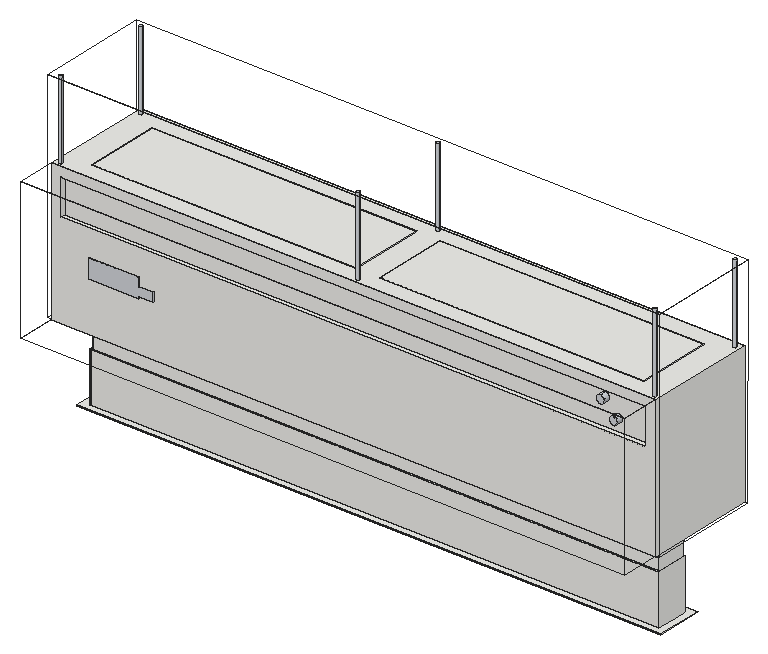
Revit family "AIRTECNICS_AIR CURTAIN_INVISAIR_WATER HEATED (P)", category Mechanical Equipment, Revit 2016
Family settings
  Part Type = Normal
  Round Connector Dimension = Use Diameter
  OmniClass Number = 23.75.70.21.17
  OmniClass Title = Air Curtains
  Work Plane-Based = No
  Always vertical = Yes
  Cut with Voids When Loaded = No
  Shared = No
  Room Calculation Point = No
Parameters (values of type "IECG 1500 P")
  · POSITION · [instance] = "-/ Select Curtain Position /-"  # constant formula
  · PIPES POSITION · [instance] = "-/ Select Pipes Position /-"  # constant formula
  · OTHERS · [instance] = "-/ Select Supports - Inst.Maint. Space /-"  # constant formula
  · KITS CONFIGURATION · [instance] = "-/ Configure Length Kit /-"  # constant formula
  · HEATING · [instance] = "-/ Select Heating /-"  # constant formula
  Weight [instance] = size_lookup(Name_Lookup_Data, "Weight", 1.00 kg, CT, CH, CM)  # 69.00 kg
  Water Pipes_P4 [instance] = no
  Water Pipes_P3 [instance] = yes
  Water Pipes_P2 (Std) [instance] = if(or(Water Pipes_P1, Water Pipes_P3, Water Pipes_P4), 1 = 0, 1 = 1)  # no
  Water Pipes_P1 [instance] = no
  Water Flow Connector [instance] = size_lookup(Name_Lookup_Data, "Water Flow_connector", 1.0 L/s, CT, CH, CM)  # 0.222222 L/s
  Water Drop Pressure [instance] = size_lookup(Name_Lookup_Data, "Water Drop Pressure", 1.0 Pa, CT, CH, CM)  # 1070.0 Pa
  Water Coil Volume [instance] = size_lookup(Name_Lookup_Data, "Water Coil Volume", 1.0 L, CT, CH, CM)  # 1.5 L
  Water Coil Rows [instance] = size_lookup(Name_Lookup_Data, "Water Coil Rows", 1, CT, CH, CM)  # 2
  WAn [instance] = if(Vertical Left, 180.00°, if(Vertical Right, 0.00°, 90.00°))  # 90.00°
  Voltage [instance] = 230 V  # constant formula
  Vertical Right [instance] = no
  Vertical Left [instance] = no
  URL_Manufacturer = "https://www.airtecnics.com/"
  URL_Datasheet = "https://www.airtecnics.com/download/file/1936/invisair.pdf"
  Supports Length [instance] = 200.0 mm
  Supports (Horizontal) [instance] = yes
  Special Installation [instance] = no
  Revit Version = "Revit 2016 - English"  # constant formula
  Review Date = "11/2018"  # constant formula
  Remote Control = "IR-AIR"  # constant formula
  URL = "https://www.airtecnics.com/products/air-curtain-invisair"
  Product Size = if(L = 1500.0 mm, "1500", if(L = 2000.0 mm, "2000", "2500"))  # "1500"
  Product Reference [instance] = size_lookup(Name_Lookup_Ref, "", "Consult Manufacturer", CT, CH, CM)  # "IECG 1500 P86"
  Product Heating [instance] = if(and([P54 - 50/40ºC - 4 ROWS], not([P64 - 60/40ºC - 3 ROWS]), not([P86 - 80/60ºC - 2 ROWS])), "P54 - 50/40ºC - 4 ROWS", if(and([P64 - 60/40ºC - 3 ROWS], not([P54 - 50/40ºC - 4 ROWS]), not([P86 - 80/60ºC - 2 ROWS])), "P64 - 60/40ºC - 3 ROWS", if(and([P86 - 80/60ºC - 2 ROWS], not([P54 - 50/40ºC - 4 ROWS]), not([P64 - 60/40ºC - 3 ROWS])), "P86 - 80/60ºC - 2 ROWS", "Consult Manufacturer")))  # "P86 - 80/60ºC - 2 ROWS"
  Product Description [instance] = size_lookup(Name_Lookup_Data, "", "Consult Manufacturer", CT, CH, CM)  # "Specially designed for applications where the body of the air curtain is to be installed inside a column or bulkhead for architectural reasons. It can be vertically or horizontally mounted.\r\nSelf-supporting casing construction made of galvanized steel plate, finished in structural epoxy-polyester painting white colour RAL9016 as standard. Other colours or stainless steel are available on request. \r\nThe air flow of Invisair follows a straight line from the air inlet grille to the to the discharge. Inlet area inside a bulkhead or column should be designed with suitable grille provided by others.\r\nAnodized aluminium outlet vanes, airfoil shaped, adjustable from 0 to 15º each side.\r\nDouble-inlet centrifugal fans driven by an external rotor motor and low noise level. 5-speed selector. EC models assembled with very low consumption efficiency fans. \r\n“P” type with water heated coil. \r\nIncludes Plug&Play control with 7m RJ45 cable and infrared remote control. Optional: Clever control (programmable, automatic, intelligent, energy saving, Modbus RTU for BMS…)\r\nAir Volume: 3400 m3/h \r\nFans:  0,284 kW  2,48 A 230Vx1 50/60Hz\r\nHeating power: 17,29 kW (80/60ºC)\r\nDimensions: 285x570/620x1550 mm (depth, height, length), including telescopic outlet for easy installation."
  Power Fans Factor [instance] = size_lookup(Name_Lookup_Data, "Power Factor", 1, CT, CH, CM)  # 0.5
  Power Fans [instance] = size_lookup(Name_Lookup_Data, "Power Fans", 1 kW, CT, CH, CM)  # 0.284 kW
  P86 - 80/60ºC - 2 ROWS [instance] = if(or([P54 - 50/40ºC - 4 ROWS], [P64 - 60/40ºC - 3 ROWS]), 1 = 0, 1 = 1)  # yes
  P64 - 60/40ºC - 3 ROWS [instance] = no
  P54 - 50/40ºC - 4 ROWS [instance] = no
  P = 1 = 1  # yes
  Outlet Kit Length [instance] = 210.0 mm
  Noise Level (dB(A)) [instance] = size_lookup(Name_Lookup_Data, "Noise Level (dB(A))", 1, CT, CH, CM)  # 62
  Name_Lookup_Ref = "INVISAIR_(P)_Ref_Lookup"  # constant formula
  Name_Lookup_Data = "INVISAIR_(P)_Data_Lookup"  # constant formula
  Model = "Air Curtain Invisair P"  # constant formula
  Material Grille = AIRTECNICS_Perforated_Invisair_White RAL 9016
  Material Curtain [instance] = AIRTECNICS_White RAL 9016
  Mainfolds [instance] = if([P54 - 50/40ºC - 4 ROWS], "2x1'' M", if(and(or([P64 - 60/40ºC - 3 ROWS], [P86 - 80/60ºC - 2 ROWS]), or([Water Pipes_P2 (Std)], Water Pipes_P3)), "2x3/4'' F", "2x3/4'' M"))  # "2x3/4'' F"
  M = no
  Li1 [instance] = if(Horizontal, 0.0 mm, if(L = 1500.0 mm, L / 2 + 65.0 mm, L / 2 + 67.5 mm))  # 0.0 mm
  Length = if(L < 2000.0 mm, L + 50.0 mm, L + 55.0 mm)  # 1550.0 mm
  Kits Range [instance] = "Max. 210 mm / Min. 260 mm"  # constant formula
  Height [instance] = 570.0 mm + Outlet Kit Length - 210.0 mm + Depth - Depth  # 570.0 mm
  Heating Capacity [instance] = size_lookup(Name_Lookup_Data, "Heating Capacity", 1 kW, CT, CH, CM)  # 17.29 kW
  G = yes
  Frequency = 50 Hz  # constant formula
  Fans Stage = 5  # constant formula
  Family Version = "1.0"  # constant formula
  EC = yes
  Depth = 285.0 mm  # constant formula
  D_Pipping_Connector [instance] = if([P54 - 50/40ºC - 4 ROWS], 25 mm, 20 mm)  # 20 mm
  Current Fans [instance] = size_lookup(Name_Lookup_Data, "Current Fans", 1 A, CT, CH, CM)  # 2.48 A
  Created by = "BIMETRICAL"  # constant formula
  Control [instance] = "CW-5AW-IR"  # constant formula
  Cable = "CB7"  # constant formula
  CW [instance] = if([Water Pipes_P2 (Std)], 2, 0) + if(Water Pipes_P3, 4, 0) + if(Water Pipes_P4, 8, 0)  # 4
  CT [instance] = if(L = 1500.0 mm, 4, 0) + if(L = 2000.0 mm, 8, 0) + if(L = 2500.0 mm, 16, 0)  # 4
  CM [instance] = if(M, 2, 0) + if(EC, 4, 0) + if(G, 8, 0)  # 12
  CH [instance] = if([P54 - 50/40ºC - 4 ROWS], 2, 0) + if([P64 - 60/40ºC - 3 ROWS], 4, 0)  # 0
  Aspiration/Maintenance Space [instance] = yes
  Apparent Load [instance] = size_lookup(Name_Lookup_Data, "Apparent Load", 1 VA, CT, CH, CM)  # 568 VA
  Airflow [instance] = size_lookup(Name_Lookup_Data, "Airflow", 1 m³/h, CT, CH, CM)  # 3400 m³/h
  L = 1500.0 mm
  Type Image = <None>
  IfcExportType = "WATERHEATINGCOIL"  # constant formula
  IfcExportAs = "IfcCoilType"  # constant formula
  Horizontal [instance] = if(or(Vertical Left, Vertical Right), 1 = 0, 1 = 1)  # yes
  Manufacturer = "AIRTECNICS"  # constant formula
  Description = ""
  Type Comments = "Specially designed for applications where the body of the air curtain is to be installed inside a column or bulkhead for architectural reasons. It can be vertically or horizontally mounted.\r\nSelf-supporting casing construction made of galvanized steel plate, finished in structural epoxy-polyester painting white colour RAL9016 as standard. Other colours or stainless steel are available on request.\r\nThe air flow of Invisair follows a straight line from the air inlet grille to the to the discharge. Inlet area inside a bulkhead or column should be designed with suitable grille provided by others.\r\nAnodized aluminium outlet vanes, airfoil shaped, adjustable from 0 to 15º each side.\r\nDouble-inlet centrifugal fans driven by an external rotor motor and low noise level. 5-speed selector. EC models assembled with very low consumption efficiency fans.\r\n“P” type with water heated coil. “E” type with electrical shielded elements, three stages with integrated regulation. “A” type without heating, air only. Optional expansion DX coil.\r\nIncludes Plug&Play control with 7m RJ45 cable and infrared remote control. Optional: Clever control (programmable, automatic, intelligent, energy saving, Modbus RTU for BMS…)\r\n"  # constant formula
  BIMETRICAL Category = "Coil"  # constant formula
  BIMETRICAL = "http://www.bimetrical.com"  # constant formula
Types (9, lengths in mm): name | Weight | Water Pipes_P3 | Water Pipes_P2 (Std) | Water Flow Connector | Water Drop Pressure | Water Coil Volume | Product Size | Product Reference | Product Description | Power Fans Factor | Power Fans | Noise Level (dB(A)) | M | Length | Heating Capacity | G | EC | Current Fans | CW | CT | CM | Apparent Load | Airflow | L
  IECG 2500 P | 94.00 kg | no | yes | 0.416667 L/s | 5650.0 Pa | 2.6 L | "2500" | "IECG 2500 P86" | "Specially designed for applications where the body of the air curtain is to be installed inside a column or bulkhead for architectural reasons. It can be vertically or horizontally mounted.\r\nSelf-supporting casing construction made of galvanized steel plate, finished in structural epoxy-polyester painting white colour RAL9016 as standard. Other colours or stainless steel are available on request. \r\nThe air flow of Invisair follows a straight line from the air inlet grille to the to the discharge. Inlet area inside a bulkhead or column should be designed with suitable grille provided by others.\r\nAnodized aluminium outlet vanes, airfoil shaped, adjustable from 0 to 15º each side.\r\nDouble-inlet centrifugal fans driven by an external rotor motor and low noise level. 5-speed selector. EC models assembled with very low consumption efficiency fans. \r\n“P” type with water heated coil. \r\nIncludes Plug&Play control with 7m RJ45 cable and infrared remote control. Optional: Clever control (programmable, automatic, intelligent, energy saving, Modbus RTU for BMS…)\r\nAir Volume: 5950 m3/h \r\nFans:  0,497 kW  4,34 A 230Vx1 50/60Hz\r\nHeating power: 33,63 kW (80/60ºC)\r\nDimensions: 285x570/620x2555 mm (depth, height, length), including telescopic outlet for easy installation." | 0.5 | 0.497 kW | 64 | no | 2555.0 | 33.63 kW | yes | yes | 4.34 A | 2 | 16 | 12 | 994 VA | 5950 m³/h | 2500.0
  IECG 2000 P | 89.00 kg | no | yes | 0.333333 L/s | 3080.0 Pa | 2.1 L | "2000" | "IECG 2000 P86" | "Specially designed for applications where the body of the air curtain is to be installed inside a column or bulkhead for architectural reasons. It can be vertically or horizontally mounted.\r\nSelf-supporting casing construction made of galvanized steel plate, finished in structural epoxy-polyester painting white colour RAL9016 as standard. Other colours or stainless steel are available on request. \r\nThe air flow of Invisair follows a straight line from the air inlet grille to the to the discharge. Inlet area inside a bulkhead or column should be designed with suitable grille provided by others.\r\nAnodized aluminium outlet vanes, airfoil shaped, adjustable from 0 to 15º each side.\r\nDouble-inlet centrifugal fans driven by an external rotor motor and low noise level. 5-speed selector. EC models assembled with very low consumption efficiency fans. \r\n“P” type with water heated coil. \r\nIncludes Plug&Play control with 7m RJ45 cable and infrared remote control. Optional: Clever control (programmable, automatic, intelligent, energy saving, Modbus RTU for BMS…)\r\nAir Volume: 5100 m3/h \r\nFans:  0,426 kW  3,72 A 230Vx1 50/60Hz\r\nHeating power: 26,86 kW (80/60ºC)\r\nDimensions: 285x570/620x2055 mm (depth, height, length), including telescopic outlet for easy installation." | 0.5 | 0.426 kW | 63 | no | 2055.0 | 26.86 kW | yes | yes | 3.72 A | 2 | 8 | 12 | 852 VA | 5100 m³/h | 2000.0
  IECG 1500 P | 69.00 kg | yes | no | 0.222222 L/s | 1070.0 Pa | 1.5 L | "1500" | "IECG 1500 P86" | "Specially designed for applications where the body of the air curtain is to be installed inside a column or bulkhead for architectural reasons. It can be vertically or horizontally mounted.\r\nSelf-supporting casing construction made of galvanized steel plate, finished in structural epoxy-polyester painting white colour RAL9016 as standard. Other colours or stainless steel are available on request. \r\nThe air flow of Invisair follows a straight line from the air inlet grille to the to the discharge. Inlet area inside a bulkhead or column should be designed with suitable grille provided by others.\r\nAnodized aluminium outlet vanes, airfoil shaped, adjustable from 0 to 15º each side.\r\nDouble-inlet centrifugal fans driven by an external rotor motor and low noise level. 5-speed selector. EC models assembled with very low consumption efficiency fans. \r\n“P” type with water heated coil. \r\nIncludes Plug&Play control with 7m RJ45 cable and infrared remote control. Optional: Clever control (programmable, automatic, intelligent, energy saving, Modbus RTU for BMS…)\r\nAir Volume: 3400 m3/h \r\nFans:  0,284 kW  2,48 A 230Vx1 50/60Hz\r\nHeating power: 17,29 kW (80/60ºC)\r\nDimensions: 285x570/620x1550 mm (depth, height, length), including telescopic outlet for easy installation." | 0.5 | 0.284 kW | 62 | no | 1550.0 | 17.29 kW | yes | yes | 2.48 A | 4 | 4 | 12 | 568 VA | 3400 m³/h | 1500.0
  IG 2500 P | 94.00 kg | no | yes | 0.388889 L/s | 4930.0 Pa | 2.6 L | "2500" | "IG 2500 P86" | "Specially designed for applications where the body of the air curtain is to be installed inside a column or bulkhead for architectural reasons. It can be vertically or horizontally mounted.\r\nSelf-supporting casing construction made of galvanized steel plate, finished in structural epoxy-polyester painting white colour RAL9016 as standard. Other colours or stainless steel are available on request. \r\nThe air flow of Invisair follows a straight line from the air inlet grille to the to the discharge. Inlet area inside a bulkhead or column should be designed with suitable grille provided by others.\r\nAnodized aluminium outlet vanes, airfoil shaped, adjustable from 0 to 15º each side.\r\nDouble-inlet centrifugal fans driven by an external rotor motor and low noise level. 5-speed selector. \r\n“P” type with water heated coil. \r\nIncludes Plug&Play control with 7m RJ45 cable and infrared remote control. Optional: Clever control (programmable, automatic, intelligent, energy saving, Modbus RTU for BMS…)\r\nAir Volume: 5250 m3/h \r\nFans:  1,498 kW  6,65 A 230Vx1 50Hz\r\nHeating power: 31,16 kW (80/60ºC)\r\nDimensions: 285x570/620x2555 mm (depth, height, length), including telescopic outlet for easy installation." | 0.98 | 1.498 kW | 60 | no | 2555.0 | 31.16 kW | yes | no | 6.65 A | 2 | 16 | 8 | 1529 VA | 5250 m³/h | 2500.0
  IG 2000 P | 89.00 kg | no | yes | 0.305556 L/s | 2700.0 Pa | 2.1 L | "2000" | "IG 2000 P86" | "Specially designed for applications where the body of the air curtain is to be installed inside a column or bulkhead for architectural reasons. It can be vertically or horizontally mounted.\r\nSelf-supporting casing construction made of galvanized steel plate, finished in structural epoxy-polyester painting white colour RAL9016 as standard. Other colours or stainless steel are available on request. \r\nThe air flow of Invisair follows a straight line from the air inlet grille to the to the discharge. Inlet area inside a bulkhead or column should be designed with suitable grille provided by others.\r\nAnodized aluminium outlet vanes, airfoil shaped, adjustable from 0 to 15º each side.\r\nDouble-inlet centrifugal fans driven by an external rotor motor and low noise level. 5-speed selector. \r\n“P” type with water heated coil. \r\nIncludes Plug&Play control with 7m RJ45 cable and infrared remote control. Optional: Clever control (programmable, automatic, intelligent, energy saving, Modbus RTU for BMS…)\r\nAir Volume: 4500 m3/h \r\nFans:  1,284 kW  5,7 A 230Vx1 50Hz\r\nHeating power: 24,92 kW (80/60ºC)\r\nDimensions: 285x570/620x2055 mm (depth, height, length), including telescopic outlet for easy installation." | 0.98 | 1.284 kW | 59 | no | 2055.0 | 24.92 kW | yes | no | 5.7 A | 2 | 8 | 8 | 1310 VA | 4500 m³/h | 2000.0
  IG 1500 P | 69.00 kg | no | yes | 0.194444 L/s | 940.0 Pa | 1.5 L | "1500" | "IG 1500 P86" | "Specially designed for applications where the body of the air curtain is to be installed inside a column or bulkhead for architectural reasons. It can be vertically or horizontally mounted.\r\nSelf-supporting casing construction made of galvanized steel plate, finished in structural epoxy-polyester painting white colour RAL9016 as standard. Other colours or stainless steel are available on request. \r\nThe air flow of Invisair follows a straight line from the air inlet grille to the to the discharge. Inlet area inside a bulkhead or column should be designed with suitable grille provided by others.\r\nAnodized aluminium outlet vanes, airfoil shaped, adjustable from 0 to 15º each side.\r\nDouble-inlet centrifugal fans driven by an external rotor motor and low noise level. 5-speed selector. \r\n“P” type with water heated coil. \r\nIncludes Plug&Play control with 7m RJ45 cable and infrared remote control. Optional: Clever control (programmable, automatic, intelligent, energy saving, Modbus RTU for BMS…)\r\nAir Volume: 3000 m3/h \r\nFans:  0,856 kW  3,8 A 230Vx1 50Hz\r\nHeating power: 16,02 kW (80/60ºC)\r\nDimensions: 285x570/620x1550 mm (depth, height, length), including telescopic outlet for easy installation." | 0.98 | 0.856 kW | 58 | no | 1550.0 | 16.02 kW | yes | no | 3.8 A | 2 | 4 | 8 | 873 VA | 3000 m³/h | 1500.0
  IM 2500 P | 86.00 kg | no | yes | 0.333333 L/s | 3810.0 Pa | 2.6 L | "2500" | "IM 2500 P86" | "Specially designed for applications where the body of the air curtain is to be installed inside a column or bulkhead for architectural reasons. It can be vertically or horizontally mounted.\r\nSelf-supporting casing construction made of galvanized steel plate, finished in structural epoxy-polyester painting white colour RAL9016 as standard. Other colours or stainless steel are available on request. \r\nThe air flow of Invisair follows a straight line from the air inlet grille to the to the discharge. Inlet area inside a bulkhead or column should be designed with suitable grille provided by others.\r\nAnodized aluminium outlet vanes, airfoil shaped, adjustable from 0 to 15º each side.\r\nDouble-inlet centrifugal fans driven by an external rotor motor and low noise level. 5-speed selector. \r\n“P” type with water heated coil. \r\nIncludes Plug&Play control with 7m RJ45 cable and infrared remote control. Optional: Clever control (programmable, automatic, intelligent, energy saving, Modbus RTU for BMS…)\r\nAir Volume: 4340 m3/h \r\nFans:  0,742 kW  3,29 A 230Vx1 50Hz\r\nHeating power: 27,69 kW (80/60ºC)\r\nDimensions: 285x570/620x2555 mm (depth, height, length), including telescopic outlet for easy installation." | 0.98 | 0.742 kW | 58 | yes | 2555.0 | 27.69 kW | no | no | 3.29 A | 2 | 16 | 2 | 757 VA | 4340 m³/h | 2500.0
  IM 2000 P | 78.00 kg | no | yes | 0.25 L/s | 1930.0 Pa | 2.1 L | "2000" | "IM 2000 P86" | "Specially designed for applications where the body of the air curtain is to be installed inside a column or bulkhead for architectural reasons. It can be vertically or horizontally mounted.\r\nSelf-supporting casing construction made of galvanized steel plate, finished in structural epoxy-polyester painting white colour RAL9016 as standard. Other colours or stainless steel are available on request. \r\nThe air flow of Invisair follows a straight line from the air inlet grille to the to the discharge. Inlet area inside a bulkhead or column should be designed with suitable grille provided by others.\r\nAnodized aluminium outlet vanes, airfoil shaped, adjustable from 0 to 15º each side.\r\nDouble-inlet centrifugal fans driven by an external rotor motor and low noise level. 5-speed selector. \r\n“P” type with water heated coil. \r\nIncludes Plug&Play control with 7m RJ45 cable and infrared remote control. Optional: Clever control (programmable, automatic, intelligent, energy saving, Modbus RTU for BMS…)\r\nAir Volume: 3720 m3/h \r\nFans:  0,636 kW  2,82 A 230Vx1 50Hz\r\nHeating power: 22,17 kW (80/60ºC)\r\nDimensions: 285x570/620x2055 mm (depth, height, length), including telescopic outlet for easy installation." | 0.98 | 0.636 kW | 57 | yes | 2055.0 | 22.17 kW | no | no | 2.82 A | 2 | 8 | 2 | 649 VA | 3720 m³/h | 2000.0
  IM 1500 P | 63.00 kg | no | yes | 0.166667 L/s | 760.0 Pa | 1.5 L | "1500" | "IM 1500 P86" | "Specially designed for applications where the body of the air curtain is to be installed inside a column or bulkhead for architectural reasons. It can be vertically or horizontally mounted.\r\nSelf-supporting casing construction made of galvanized steel plate, finished in structural epoxy-polyester painting white colour RAL9016 as standard. Other colours or stainless steel are available on request. \r\nThe air flow of Invisair follows a straight line from the air inlet grille to the to the discharge. Inlet area inside a bulkhead or column should be designed with suitable grille provided by others.\r\nAnodized aluminium outlet vanes, airfoil shaped, adjustable from 0 to 15º each side.\r\nDouble-inlet centrifugal fans driven by an external rotor motor and low noise level. 5-speed selector. \r\n“P” type with water heated coil. \r\nIncludes Plug&Play control with 7m RJ45 cable and infrared remote control. Optional: Clever control (programmable, automatic, intelligent, energy saving, Modbus RTU for BMS…)\r\nAir Volume: 2480 m3/h \r\nFans:  0,424 kW  1,88 A 230Vx1 50Hz\r\nHeating power: 14,23 kW (80/60ºC)\r\nDimensions: 285x570/620x1550 mm (depth, height, length), including telescopic outlet for easy installation." | 0.98 | 0.424 kW | 56 | yes | 1550.0 | 14.23 kW | no | no | 1.88 A | 2 | 4 | 2 | 432 VA | 2480 m³/h | 1500.0
Reference planes
  plane 1 "Centro (Frontal/Posterior)": z = 0
  plane 2: y = 246.57
  plane 3 "Centro (Izquierda/Derecha)": x = 0
  plane 4 "Susp": z = 0
Lines and regions (mm)
  reference lines
    curve 1: line (0, 246.57, 0) -> (0, 246.57, -145)
Dimensions and locks
  "Li1": plane 4 "Susp" to plane 1 "Centro (Frontal/Posterior)"
  "WAn": angle plane 4 "Susp" to curve 1
  aligned and locked: plane 3 "Centro (Izquierda/Derecha)" to curve 1
  aligned and locked: plane 4 "Susp" to curve 1
Nested families
  nested 1: "GEOM_INVISAIR_(A-E-P)" at (0, 246.57, 0), P1 <- "Water Pipes_P1", P3 <- "Water Pipes_P3", P4 <- "Water Pipes_P4", SPCI <- "Special Installation", Outlet Kit Lenght <- "Outlet Kit Length", Horizontal <- "Horizontal", Vertical Left <- "Vertical Left", Vertical Right <- "Vertical Right", Supports (Horizontal) <- "Supports (Horizontal)", type "GEOM_INVISAIR_(A-E-P)"
    with Vertical Right no, Vertical Left no, VSUP yes, VPE no, VPD no, Supports (Horizontal) yes, STNI yes, SPCI no, P4 no, P3 yes, P2 no, P1 no, Outlet Kit Lenght 210.0 mm, OKL 210.0 mm, L5 0.0 mm, L4 15.0 mm, L3 10.0 mm, L2 10.0 mm, L1 176.22 mm, Horizontal yes, C_P 4, C_L 2, CH_4 50.0 mm, CH_3 222.11 mm, CH_2 1444.0 mm, CH_1 275.86 mm, CC_4 235.0 mm, CC_3 37.11 mm, CC_2 1410.83 mm, CC_1 313.83 mm, AH 90.00°, AC 90.00°, P yes, L* 1550.0 mm, L 1500.0 mm, Aspiration/Maintenance Space yes
Connectors
  electrical at (-572.625, 103.07, 148.65), driven by "Voltage", driven by "Apparent Load", driven by "Power Fans Factor"
    settings: on nested 1, index 1, voltage 230 V, apparent load 568 VA, apparent load phase1 0 VA, apparent load phase2 0 VA, apparent load phase3 0 VA, power factor 0.5, load classification "HVAC", number of poles 1, system type 30, power factor state 1, is connector primary yes, connector utility no, sub classification motor no, connector description ""
  piping at (635.83, 101.96, 313.889), diameter 20, driven by "Water Flow Connector", driven by "D_Pipping_Connector"
    settings: on nested 1, index 2, connector inside diameter 609.6 mm, connector length 0.0 mm, flow factor 0, pipe flow 0.222222 L/s, pressure drop 0.0 Pa, fitting loss kfactor 0, connector angle 0.00°, fixture units 0, engagement length 0.0 mm, angle of deflection 0.00°, flow configuration 1, flow direction 2, fitting loss method 0, system type 8, joint type 0, gender type 0, connector reference index -1, connector utility 0, adjustable connector no, is connector primary yes, connector description "Out"
  piping at (669, 101.96, 275.86), diameter 20, driven by "Water Flow Connector", driven by "D_Pipping_Connector", driven by "Water Drop Pressure"
    settings: on nested 1, index 3, connector inside diameter 609.6 mm, connector length 0.0 mm, flow factor 0, pipe flow 0.222222 L/s, pressure drop 1070.0 Pa, fitting loss kfactor 0, connector angle 0.00°, fixture units 0, engagement length 0.0 mm, angle of deflection 0.00°, flow configuration 1, flow direction 1, fitting loss method 4, system type 7, joint type 0, gender type 0, connector reference index -1, connector utility 0, adjustable connector no, is connector primary no, connector description "In"
Definition of nested family "GEOM_INVISAIR_(A-E-P)"
  Parameters (values of type "GEOM_INVISAIR_(A-E-P)")
    Vertical Right [instance] = no
    Vertical Left [instance] = no
    VSUP [instance] = if(and(Horizontal, [Supports (Horizontal)]), 1 = 1, 1 = 0)  # yes
    VPE [instance] = Vertical Left  # no
    VPD [instance] = Vertical Right  # no
    Supports Length = 200.0 mm
    Supports (Horizontal) [instance] = yes
    STNI [instance] = not(SPCI)  # yes
    SPCI [instance] = no
    Revit Version = "Revit 2016 - English"  # constant formula
    Review Date = "11/2018"  # constant formula
    P4 [instance] = no
    P3 [instance] = no
    P2 [instance] = not(or(P1, P3, P4))  # yes
    P1 [instance] = no
    P = no
    Outlet Kit Lenght [instance] = 250.0 mm
    OKL [instance] = if(Outlet Kit Lenght > 260.0 mm, 260.0 mm, if(Outlet Kit Lenght < 210.0 mm, 210.0 mm, Outlet Kit Lenght))  # 250.0 mm
    Name_CH = "CH_Dimensions_Lookup"  # constant formula
    Name_CC = "CC_Dimensions_Lookup"  # constant formula
    Model = "INVISAIR"  # constant formula
    Material Grille = none
    Material Curtain = none
    L* = if(L < 2000.0 mm, L + 50.0 mm, L + 55.0 mm)  # 2555.0 mm
    Manufacturer = "AIRTECNICS"  # constant formula
    L_sup = if(Supports Length = 0.0 mm, 1.0 mm, Supports Length)  # 200.0 mm
    L6 = 0.0 mm  # constant formula
    L5 [instance] = 15.0 mm
    L4 [instance] = if(or(and(P4, Vertical Right), and(P1, Vertical Left)), 55.0 mm, 15.0 mm)  # 15.0 mm
    L3 [instance] = if(and(P, P4), 100.0 mm, 10.0 mm)  # 10.0 mm
    L2 [instance] = if(and(P, P1), 100.0 mm, 10.0 mm)  # 10.0 mm
    L1 [instance] = if(STNI, 176.22 mm, 108.78 mm)  # 176.22 mm
    L = 2500.0 mm
    Horizontal [instance] = yes
    Family Version = "1.0"  # constant formula
    Default Elevation = 1219.2 mm
    D_P = 20.00 mm
    Created by = "BIMETRICAL"  # constant formula
    C_P [instance] = if(P1, 1, 0) + if(P2, 2, 0) + if(P3, 4, 0) + if(P4, 8, 0)  # 2
    C_L [instance] = if(L = 1500.0 mm, 2, 0) + if(L = 2000.0 mm, 4, 0) + if(L = 2500.0 mm, 8, 0)  # 8
    CH_4 [instance] = size_lookup(Name_CH, "CH_4", 235.0 mm, C_L, C_P)  # 235.0 mm
    CH_3 [instance] = size_lookup(Name_CH, "CH_3", 37.0 mm, C_L, C_P)  # 37.0 mm
    CH_2 [instance] = size_lookup(Name_CH, "CH_2", 139.0 mm, C_L, C_P)  # 139.0 mm
    CH_1 [instance] = size_lookup(Name_CH, "CH_1", 275.86 mm, C_L, C_P)  # 275.86 mm
    CC_4 [instance] = size_lookup(Name_CC, "CC_4", 50.0 mm, C_L, C_P)  # 50.0 mm
    CC_3 [instance] = size_lookup(Name_CC, "CC_3", 221.89 mm, C_L, C_P)  # 221.89 mm
    CC_2 [instance] = size_lookup(Name_CC, "CC_2", 106.0 mm, C_L, C_P)  # 106.0 mm
    CC_1 [instance] = size_lookup(Name_CC, "CC_1", 313.86 mm, C_L, C_P)  # 313.83 mm
    BIMETRICAL = "http://www.bimetrical.com/"  # constant formula
    Aspiration/Maintenance Space = no
    AH [instance] = size_lookup(Name_CH, "AH", 90.00°, C_L, C_P)  # 90.00°
    AC [instance] = size_lookup(Name_CC, "AC", 90.00°, C_L, C_P)  # 90.00°
  Reference planes
    plane 1 "Centro (Frontal/Posterior)": y = 0
    plane 2: z = 0
    plane 3 "Centro (Izquierda/Derecha)": x = 0
    plane 4: y = 142.5
    plane 5: y = -142.5
    plane 6: x = -1277.5
    plane 7: x = 1277.5
    plane 8: z = 360
    plane 9: x = -1253.5
    plane 10: x = 1253.5
    plane 11: z = 337
    plane 12: x = -1210.5
    plane 13: x = 1210.5
    plane 14: x = 30
    plane 15: x = -30
    plane 16: y = -96.75
    plane 17: y = 96.75
    plane 18: z = 313.83
    plane 19: z = 275.86
    plane 20: x = -1171.5
    plane 21: x = -1138.5
    plane 22: y = 92.5
    plane 23: y = -92.5
    plane 24: x = -1265
    plane 25: x = 1265
    plane 26: y = 128.5
    plane 27: y = -128.5
  Forms (mm)
    Extrusion 1, solid, material <- "Material Curtain"
      sketch origin (-1376.546, -1524, 270) x (-1, 0, 0) y (0, -1, 0)
        loop
          line (-99.046, -1666.5) -> (-99.046, -1381.5) -> (-2654.046, -1381.5) -> (-2654.046, -1666.5) -> (-99.046, -1666.5)
      from -270 to 90
    Extrusion 2, void
      sketch origin (-1776.211, -142.5, 1200) x (1, 0, 0) y (0, 0, -1)
        loop
          line (522.711, 863) -> (3029.711, 863) -> (3029.711, 956) -> (522.711, 956) -> (522.711, 863)
      from 13 to 0
    Extrusion 3, void
      sketch origin (-1504.338, -1524, 360) x (-1, 0, 0) y (0, -1, 0)
        loop
          line (-293.838, -1620.75) -> (-293.838, -1427.25) -> (-1474.338, -1427.25) -> (-1474.338, -1620.75) -> (-293.838, -1620.75)
        loop
          line (-1534.338, -1620.75) -> (-1534.338, -1427.25) -> (-2714.838, -1427.25) -> (-2714.838, -1620.75) -> (-1534.338, -1620.75)
      from 0 to -13
    Extrusion 4, solid, material <- "Material Grille"
      sketch origin (-1504.338, -1524, 360) x (-1, 0, 0) y (0, -1, 0)
        loop
          line (-293.838, -1620.75) -> (-293.838, -1427.25) -> (-1474.338, -1427.25) -> (-1474.338, -1620.75) -> (-293.838, -1620.75)
        loop
          line (-1534.338, -1620.75) -> (-1534.338, -1427.25) -> (-2714.838, -1427.25) -> (-2714.838, -1620.75) -> (-1534.338, -1620.75)
      from 0 to -2
    Extrusion 5, solid
      sketch origin (-1776.211, -142.5, 1200) x (-1, 0, 0) y (0, 0, -1)
        loop
          line (-723.624, 1071.5) -> (-723.798, 1067.5) -> (-760.711, 1067.5) -> (-760.711, 1044.2) -> (-723.711, 1044.2) -> (-723.711, 1022.2) -> (-596.211, 1022.2) -> (-596.211, 1071.5) -> (-723.624, 1071.5)
      from 0 to 1
    Extrusion 6, solid, visible <- "P"
      sketch origin (-1171.5, -129.39, 313.83) x (0, 0, 1) y (-1, 0, 0)
        loop
          circle (0.059, 0) r 10
      from 0 to 15 <- "L4"
    Extrusion 7, solid, visible <- "P"
      sketch origin (-1138.5, -129.5, 276.858) x (0, 0, 1) y (-1, 0, 0)
        loop
          circle (-0.998, 0) r 10
      from 0 to 15 <- "L4"
    Extrusion 8, solid, visible <- "Aspiration/Maintenance Space"
      sketch origin (-1776.211, -142.5, 1200) x (-1, 0, 0) y (0, 0, -1)
        loop
          line (-498.711, 1200) -> (-498.711, 840) -> (-3053.711, 840) -> (-3053.711, 1200) -> (-3063.711, 1200) -> (-3063.711, 640) -> (-488.711, 640) -> (-488.711, 1200) -> (-498.711, 1200)
      from 0 to -285
    Extrusion 9, solid, visible <- "Aspiration/Maintenance Space"
      sketch origin (-1776.211, -142.5, 1200) x (-1, 0, 0) y (0, 0, -1)
        loop
          line (-498.711, 840) -> (-498.711, 1200) -> (-3053.711, 1200) -> (-3053.711, 840) -> (-498.711, 840)
      from 0 to 100
    Extrusion 10, solid, visible <- "VSUP"
      sketch origin (-1504.338, -1524, 360) x (-1, 0, 0) y (0, -1, 0)
        loop
          circle (-239.338, -1652.5) r 4
        loop
          circle (-239.338, -1395.5) r 4
        loop
          circle (-1504.338, -1395.5) r 4
        loop
          circle (-1504.338, -1652.5) r 4
        loop
          circle (-2769.338, -1652.5) r 4
        loop
          circle (-2769.338, -1395.5) r 4
      from -1 to 200
    Extrusion 11, solid, visible <- "VPE"
      sketch origin (-1277.5, 218.751, 1200) x (0, 1, 0) y (0, 0, 1)
        loop
          line (-91.751, -858.5) -> (-345.751, -858.5) -> (-345.751, -1181.5) -> (-91.751, -1181.5) -> (-91.751, -858.5)
      from 0 to -40
    Extrusion 12, solid, visible <- "VPD"
      sketch origin (1277.5, 236.157, 1200) x (0, 1, 0) y (0, 0, -1)
        loop
          line (-109.157, 858.5) -> (-109.157, 1181.5) -> (-363.157, 1181.5) -> (-363.157, 858.5) -> (-109.157, 858.5)
      from 0 to -40
  Cuts and joins
    Extrusion 2, Extrusion 3 cuts Extrusion 1
  Lines and regions (mm)
    reference lines
      curve 1: line (-1171.5, 92.5, 313.83) -> (-1171.5, -129.39, 313.83)
      curve 2: line (-1138.5, -92.5, 275.86) -> (-1138.5, -129.5, 275.86)
    symbolic lines
      curve 3: line (-1277.5, 142.5, 275.86) -> (1277.5, 142.5, 275.86)
      curve 4: line (-1277.5, -142.5, 275.86) -> (-1277.5, 142.5, 275.86)
      curve 5: line (1277.5, -142.5, 275.86) -> (-1277.5, -142.5, 275.86)
      curve 6: line (1277.5, 142.5, 275.86) -> (1277.5, -142.5, 275.86)
      curve 7: line (-1223.5, -15.69, 275.86) -> (1223.5, -15.69, 275.86)
      curve 8: line (-1223.5, -23.386, 275.86) -> (-1223.5, -15.69, 275.86)
      curve 9: line (1223.5, -23.386, 275.86) -> (-1223.5, -23.386, 275.86)
      curve 10: line (1223.5, -15.69, 275.86) -> (1223.5, -23.386, 275.86)
      curve 11: line (1223.5, -44.054, 275.86) -> (-1223.5, -44.054, 275.86)
      curve 12: line (1223.5, -51.746, 275.86) -> (1223.5, -44.054, 275.86)
      curve 13: line (-1223.5, -51.746, 275.86) -> (1223.5, -51.746, 275.86)
      curve 14: line (-1223.5, -44.054, 275.86) -> (-1223.5, -51.746, 275.86)
    symbolic lines, visible <- "Aspiration/Maintenance Space"
      curve 15: line (-1277.5, 142.5, 275.86) -> (-1287.5, 142.5, 275.86)
      curve 16: line (-1287.5, 142.5, 275.86) -> (-1287.5, -142.5, 275.86)
      curve 17: line (-1287.5, -142.5, 275.86) -> (-1277.5, -142.5, 275.86)
      curve 18: line (1277.5, 142.5, 275.86) -> (1287.5, 142.5, 275.86)
      curve 19: line (1287.5, 142.5, 275.86) -> (1287.5, -142.5, 275.86)
      curve 20: line (1287.5, -142.5, 275.86) -> (1277.5, -142.5, 275.86)
      curve 21: line (-1277.5, -142.5, 275.86) -> (-1277.5, -242.5, 275.86)
      curve 22: line (-1277.5, -242.5, 275.86) -> (1277.5, -242.5, 275.86)
      curve 23: line (1277.5, -242.5, 275.86) -> (1277.5, -142.5, 275.86)
      curve 24: line (-1277.5, -142.5, 0) -> (-1287.5, -142.5, 0)
      curve 25: line (-1287.5, -142.5, 0) -> (-1287.5, -142.5, 560)
      curve 26: line (-1287.5, -142.5, 560) -> (1287.5, -142.5, 560)
      curve 27: line (1287.5, -142.5, 560) -> (1287.5, -142.5, 0)
      curve 28: line (1287.5, -142.5, 0) -> (1277.5, -142.5, 0)
      curve 29: line (-1277.5, 142.5, 360) -> (-1277.5, 142.5, 560)
      curve 30: line (-1277.5, 142.5, 560) -> (-1277.5, -142.5, 560)
      curve 31: line (-1277.5, -142.5, 560) -> (-1277.5, -142.5, 360)
      curve 32: line (-1277.5, -142.5, 360) -> (-1277.5, -242.5, 360)
      curve 33: line (-1277.5, -242.5, 360) -> (-1277.5, -242.5, 0)
      curve 34: line (-1277.5, -242.5, 0) -> (-1277.5, -142.5, 0)
  Dimensions and locks
    equal spacing: plane 5, plane 1 "Centro (Frontal/Posterior)", plane 4
    locked: plane 5 to plane 4 at 285
    equal spacing: plane 6, plane 3 "Centro (Izquierda/Derecha)", plane 7
    "L*": plane 6 to plane 7
    locked: plane 8 to plane 2 at 360
    locked: plane 9 to plane 6 at 24
    locked: plane 10 to plane 7 at 24
    locked: plane 8 to plane 11 at 23
    locked: plane 6 to plane 12 at 67
    locked: plane 13 to plane 7 at 67
    plane 3 "Centro (Izquierda/Derecha)" to plane 14 = 30.0 mm
    plane 3 "Centro (Izquierda/Derecha)" to plane 15 = 30.0 mm
    locked: plane 16 to plane 5 at 45.75
    locked: plane 17 to plane 4 at 45.75
    locked: plane 11 to Extrusion 2 sketch curve at 93
    "CC_1": plane 18 to level
    "CH_1": plane 19 to level
    "CC_2": plane 20 to plane 6
    "CH_2": plane 21 to plane 6
    "CC_4": plane 4 to plane 22
    "CH_4": plane 4 to plane 23
    "CC_3": curve 1 to curve 1
    "CH_3": curve 2 to curve 2
    locked: level to nested 1 at 0
    "L1": plane 4 to nested 1
    "L2": plane 6 to Extrusion 8 sketch curve
    "L3": plane 7 to Extrusion 8 sketch curve
    locked: plane 6 to plane 24 at 12.5
    locked: plane 25 to plane 7 at 12.5
    locked: plane 4 to plane 26 at 14
    locked: plane 5 to plane 27 at 14
    "Supports Length": Extrusion 10 to plane 8
    locked: Extrusion 11 sketch curve to Extrusion 11 sketch curve at 323
    locked: Extrusion 11 sketch curve to Extrusion 11 sketch curve at 254
    locked: plane 8 to Extrusion 11 sketch curve at 18.5
    locked: Extrusion 12 sketch curve to Extrusion 12 sketch curve at 323
    locked: Extrusion 12 sketch curve to Extrusion 12 sketch curve at 254
    Extrusion 5 sketch curve to Extrusion 5 sketch curve to Extrusion 5 sketch curve to plane 6 = 37.0 mm locked, 127.5 mm locked, 97.5 mm locked
    "D_P": diameter of Extrusion 6 sketch curve
    "D_P": diameter of Extrusion 7 sketch curve
    "AC": angle curve 1 to plane 22
    "AH": angle curve 2 to plane 23
    aligned and locked: level to plane 2
    aligned and locked: Extrusion 1 sketch curve to plane 4
    aligned and locked: plane 6 to Extrusion 1 sketch curve
    aligned and locked: Extrusion 1 sketch curve to plane 5
    aligned and locked: plane 7 to Extrusion 1 sketch curve
    aligned and locked: Extrusion 1 to level
    aligned and locked: plane 8 to Extrusion 1
    aligned and locked: plane 9 to Extrusion 2 sketch curve
    aligned and locked: plane 10 to Extrusion 2 sketch curve
    aligned and locked: plane 5 to cut or joined group of Extrusion 1, Extrusion 2, Extrusion 3
    aligned and locked: plane 17 to Extrusion 3 sketch curve  (x2)
    aligned and locked: plane 12 to Extrusion 3 sketch curve
    aligned and locked: plane 16 to Extrusion 3 sketch curve  (x2)
    aligned and locked: Extrusion 3 sketch curve to plane 15
    aligned and locked: Extrusion 3 sketch curve to plane 14
    aligned and locked: plane 13 to Extrusion 3 sketch curve
    aligned and locked: plane 12 to Extrusion 4 sketch curve
    aligned and locked: plane 17 to Extrusion 4 sketch curve
    aligned and locked: plane 13 to Extrusion 4 sketch curve
    aligned and locked: Extrusion 4 sketch curve to plane 14
    aligned and locked: Extrusion 4 sketch curve to plane 15
    aligned and locked: plane 22 to curve 1
    aligned and locked: plane 20 to curve 1
    aligned and locked: plane 23 to curve 2
    aligned and locked: plane 21 to curve 2
    aligned and locked: Extrusion 5 to plane 5
    aligned and locked: curve 3 to cut or joined group of Extrusion 1, Extrusion 2, Extrusion 3
    aligned and locked: curve 4 to cut or joined group of Extrusion 1, Extrusion 2, Extrusion 3
    aligned and locked: curve 5 to cut or joined group of Extrusion 1, Extrusion 2, Extrusion 3
    aligned and locked: curve 6 to cut or joined group of Extrusion 1, Extrusion 2, Extrusion 3
    aligned and locked: curve 8 to nested 1
    aligned and locked: curve 9 to nested 1
    aligned and locked: curve 10 to nested 1
    aligned and locked: curve 11 to nested 1
    aligned and locked: curve 12 to nested 1
    aligned and locked: curve 13 to nested 1
    aligned and locked: curve 14 to nested 1
    aligned and locked: Extrusion 9 sketch curve to cut or joined group of Extrusion 1, Extrusion 2, Extrusion 3  (x2)
    aligned and locked: Extrusion 9 sketch curve to nested 1
    aligned and locked: curve 16 to Extrusion 8
    aligned and locked: curve 19 to Extrusion 8
    aligned and locked: curve 22 to Extrusion 9
    aligned and locked: Extrusion 9 to plane 6
    aligned and locked: curve 27 to Extrusion 8
    aligned and locked: curve 25 to Extrusion 8
    aligned and locked: plane 24 to Extrusion 10 sketch curve
    aligned and locked: plane 26 to Extrusion 10 sketch curve  (x3)
    aligned and locked: plane 27 to Extrusion 10 sketch curve  (x3)
    aligned and locked: plane 3 "Centro (Izquierda/Derecha)" to Extrusion 10 sketch curve
  Automatic sketch dimensions
    Extrusion 2 sketch curve to plane 11 = 0.0 mm
    plane 17 to Extrusion 4 sketch curve = 0.0 mm
    Extrusion 4 sketch curve to plane 16 = 0.0 mm  (x2)
    Extrusion 5 sketch curve to Extrusion 5 sketch curve = 0.087 mm
    Extrusion 5 sketch curve to Extrusion 5 sketch curve = 0.175 mm
    Extrusion 5 sketch curve to level = 128.5 mm
    Extrusion 5 sketch curve to Extrusion 5 sketch curve = 4.0 mm
    Extrusion 5 sketch curve to Extrusion 5 sketch curve = 23.3 mm
    Extrusion 5 sketch curve to Extrusion 5 sketch curve = 49.3 mm
    curve 8 to curve 8 = 7.696 mm
    Extrusion 9 sketch curve to level = 0.0 mm
    curve 28 to level = 0.0 mm
    plane 7 to curve 28 = 0.0 mm
    curve 24 to plane 6 = 0.0 mm
    curve 25 to level = 0.0 mm
    curve 26 to plane 8 = 200.0 mm
    Extrusion 10 sketch curve to plane 25 = 0.0 mm  (x2)
    Extrusion 10 sketch curve to plane 3 "Centro (Izquierda/Derecha)" = 0.0 mm
    Extrusion 10 sketch curve to plane 24 = 0.0 mm
    Extrusion 11 sketch curve to plane 5 = 15.5 mm
    plane 5 to Extrusion 12 sketch curve = 15.5 mm
    Extrusion 12 sketch curve to level = 18.5 mm
    curve 32 to plane 8 = 0.0 mm
    curve 31 to plane 5 = 0.0 mm
    curve 34 to plane 5 = 0.0 mm
    curve 29 to plane 4 = 0.0 mm
    curve 29 to plane 8 = 0.0 mm
    curve 33 to curve 31 = 100.0 mm
    plane 8 to curve 30 = 200.0 mm
    level to curve 34 = 0.0 mm
    Extrusion 6 sketch curve to plane 20 = 0.0 mm
    plane 18 to Extrusion 6 sketch curve = 0.059 mm
    Extrusion 7 sketch curve to plane 19 = 0.0 mm
    Extrusion 7 sketch curve to plane 21 = 0.0 mm
    plane 7 to Extrusion 8 sketch curve = 0.0 mm
    Extrusion 8 sketch curve to level = 0.0 mm  (x2)
    Extrusion 8 sketch curve to plane 6 = 0.0 mm
    Extrusion 8 sketch curve to plane 8 = 0.0 mm
    Extrusion 8 sketch curve to plane 8 = 200.0 mm
    radius of Extrusion 10 sketch curve = 4.0 mm  (x6)
  Nested families
    nested 1: "GEOM_INVISAIR_OUTLET KIT" at (0, -280.29, -250), L <- "L", Outlet Kit Length <- "OKL", Material <- "Material Curtain", type "Outlet Kit"
      with Vi3 yes, Vi2 yes, Vi1 no, Outlet Kit Length 250.0 mm, Material none, L-45 2459.0 mm, L-39 2465.0 mm, L-2 2503.0 mm, L-16 2501.0 mm, L* 2555.0 mm, L 2500.0 mm
  Definition of nested family "GEOM_INVISAIR_OUTLET KIT"
    Parameters (values of type "Outlet Kit")
      Vi3 [instance] = yes
      Vi2 [instance] = if(L > 2200.0 mm, 1 = 1, 1 = 0)  # no
      Vi1 [instance] = if(L > 2200.0 mm, 1 = 0, 1 = 1)  # yes
      URL = "https://www.airtecnics.com/products/air-curtain-windbox-m-g"
      Revit Version = "Revit 2016 - English"  # constant formula
      Review Date = "10/18"  # constant formula
      Model = "Outlet Kit"  # constant formula
      Outlet Kit Length [instance] = 210.0 mm
      Material [instance] = none
      L-45 [instance] = [L*] - 96.0 mm  # 1454.0 mm
      L-39 [instance] = [L*] - 90.0 mm  # 1460.0 mm
      L-2 [instance] = [L*] - 52.0 mm  # 1498.0 mm
      L-16 [instance] = [L*] - 54.0 mm  # 1496.0 mm
      Type Image = (empty or 0)
      Manufacturer = "AIRTECNICS"  # constant formula
      Li1 = 1.0 mm
      L* [instance] = if(L < 2000.0 mm, L + 50.0 mm, L + 55.0 mm)  # 1550.0 mm
      L [instance] = 1500.0 mm
      Family Version = "1.0"  # constant formula
      Description = "AIRTECNICS_Air curtain Windbox M,G"  # constant formula
      Type Comments = ""
      Default Elevation = 1219.2 mm
      Created by = "BIMETRICAL"  # constant formula
      BIMETRICAL Category = "Fan"  # constant formula
      BIMETRICAL = "http://www.bimetrical.com/"  # constant formula
    Reference planes
      plane 1 "Centro (Frontal/Posterior)": z = 0
      plane 2: y = 246.57
      plane 3 "Centro (Izquierda/Derecha)": x = 0
      plane 4: x = -775
      plane 5: x = 775
      plane 6: x = -749
      plane 7: x = 749
      plane 8: x = -730
      plane 9: x = 730
      plane 10: x = 727
      plane 11: x = -727
      plane 12: z = 1
      plane 13: y = 205.57
      plane 14: y = 194.57
      plane 15: y = 284.07
      plane 16: y = 298.57
      plane 17: y = 209.07
      plane 18: y = 287.57
      plane 19: z = 209
      plane 20: z = 210
      plane 21: z = 109.617
      plane 22: z = 130
      plane 23: y = 187.07
      plane 24: y = 306.07
      plane 25: x = -748
      plane 26: x = 748
      plane 27: x = -721
      plane 28: x = 721
      plane 29: x = -242.333
      plane 30: x = 242.333
    Forms (mm)
      Extrusion 1, solid, material <- "Material"
        sketch origin (0, -0.907, 0) x (0, 1, 0) y (0, 0, 1)
          loop
            arc (237.142, 59.981) -> (233.296, 64) -> (229.45, 59.981) r 3.85
            line (229.45, 59.981) -> (231.847, 5.386)
            arc (231.847, 5.386) -> (233.296, 4) -> (234.745, 5.386) r 1.45
            line (234.745, 5.386) -> (237.142, 59.981)
          loop
            arc (265.503, 59.981) -> (261.656, 64) -> (257.81, 59.981) r 3.85
            line (257.81, 59.981) -> (260.208, 5.386)
            arc (260.208, 5.386) -> (261.656, 4) -> (263.105, 5.386) r 1.45
            line (263.105, 5.386) -> (265.503, 59.981)
        from -721 to 721
      Extrusion 2, solid, material <- "Material"
        sketch origin (0, 0, 0) x (1, 0, 0) y (0, 1, 0)
          loop
            line (-749, 306.07) -> (-749, 187.07) -> (749, 187.07) -> (749, 306.07) -> (-749, 306.07)
          loop
            line (-730, 205.57) -> (730, 205.57) -> (730, 287.57) -> (-730, 287.57) -> (-730, 205.57)
        from 0 to 1
      Extrusion 3, solid, material <- "Material", visible <- "Vi3"
        sketch origin (0, 0, 0) x (1, 0, 0) y (0, 1, 0)
          loop
            line (-730, 287.57) -> (-730, 205.57) -> (730, 205.57) -> (730, 287.57) -> (-730, 287.57)
          loop
            line (-729, 206.57) -> (729, 206.57) -> (729, 286.57) -> (-729, 286.57) -> (-729, 206.57)
        from 130 to 0
      Extrusion 4, solid, visible <- "Vi1", not visible
        sketch origin (-8, -340.372, 21.524) x (0, 1, 0) y (0, 0, 1)
          loop
            line (332.442, 36.84) -> (332.442, 4.84) -> (364.442, 4.84) -> (364.442, 36.84) -> (332.442, 36.84)
        from -1.5 to 4.5
      Extrusion 5, solid, visible <- "Vi1", not visible
        sketch origin (-4, -340.372, 2.371) x (0, 1, 0) y (0, 0, 1)
          loop
            line (310.942, 75.234) -> (310.942, 5.234) -> (385.942, 5.234) -> (385.942, 75.234) -> (310.942, 75.234)
        from 0.5 to 16.5
      Extrusion 6, solid, visible <- "Vi1", not visible
        sketch origin (-3.189, -340.372, 21.13) x (0, 1, 0) y (0, 0, 1)
          loop
            line (332.442, 37.234) -> (332.442, 5.234) -> (364.442, 5.234) -> (364.442, 37.234) -> (332.442, 37.234)
        from 15.689 to 21.689
      Extrusion 7, solid, visible <- "Vi1"
        sketch origin (-12.5, -101.872, 13.918) x (0, 1, 0) y (0, 0, 1)
          loop
            line (332.442, 36.84) -> (332.442, 4.84) -> (364.442, 4.84) -> (364.442, 36.84) -> (332.442, 36.84)
        from -1.5 to 4.5
      Extrusion 8, solid, visible <- "Vi1"
        sketch origin (-8.5, -101.872, -5.234) x (0, 1, 0) y (0, 0, 1)
          loop
            line (310.942, 75.234) -> (310.942, 5.234) -> (385.942, 5.234) -> (385.942, 75.234) -> (310.942, 75.234)
        from 0.5 to 16.5
      Extrusion 9, solid, visible <- "Vi1"
        sketch origin (-7.689, -101.872, 13.524) x (0, 1, 0) y (0, 0, 1)
          loop
            line (332.442, 37.234) -> (332.442, 5.234) -> (364.442, 5.234) -> (364.442, 37.234) -> (332.442, 37.234)
        from 15.689 to 21.689
      Extrusion 10, solid, visible <- "Vi2"
        sketch origin (-234.042, -101.872, 13.766) x (0, 1, 0) y (0, 0, 1)
          loop
            line (332.442, 36.993) -> (332.442, 4.993) -> (364.442, 4.993) -> (364.442, 36.993) -> (332.442, 36.993)
        from -22.292 to -16.292
      Extrusion 11, solid, visible <- "Vi2"
        sketch origin (-237.395, -101.872, -5.234) x (0, 1, 0) y (0, 0, 1)
          loop
            line (310.942, 75.234) -> (310.942, 5.234) -> (385.942, 5.234) -> (385.942, 75.234) -> (310.942, 75.234)
        from -12.939 to 3.061
      Extrusion 12, solid, visible <- "Vi2"
        sketch origin (-257.072, -101.872, 13.524) x (0, 1, 0) y (0, 0, 1)
          loop
            line (332.442, 37.234) -> (332.442, 5.234) -> (364.442, 5.234) -> (364.442, 37.234) -> (332.442, 37.234)
        from 22.739 to 28.739
      Extrusion 13, solid, visible <- "Vi2", not visible
        sketch origin (-404.625, -340.372, -84.071) x (0, 1, 0) y (0, 0, 1)
          loop
            line (332.442, 36.993) -> (332.442, 4.993) -> (364.442, 4.993) -> (364.442, 36.993) -> (332.442, 36.993)
        from -22.292 to -16.292
      Extrusion 14, solid, visible <- "Vi2", not visible
        sketch origin (-407.978, -340.372, -103.071) x (0, 1, 0) y (0, 0, 1)
          loop
            line (310.942, 75.234) -> (310.942, 5.234) -> (385.942, 5.234) -> (385.942, 75.234) -> (310.942, 75.234)
        from -12.939 to 3.061
      Extrusion 15, solid, visible <- "Vi2", not visible
        sketch origin (-427.656, -340.372, -84.312) x (0, 1, 0) y (0, 0, 1)
          loop
            line (332.442, 37.234) -> (332.442, 5.234) -> (364.442, 5.234) -> (364.442, 37.234) -> (332.442, 37.234)
        from 22.739 to 28.739
      Extrusion 16, solid, visible <- "Vi2"
        sketch origin (250.625, -101.872, 13.766) x (0, 1, 0) y (0, 0, 1)
          loop
            line (332.442, 36.993) -> (332.442, 4.993) -> (364.442, 4.993) -> (364.442, 36.993) -> (332.442, 36.993)
        from -22.292 to -16.292
      Extrusion 17, solid, visible <- "Vi2"
        sketch origin (247.272, -101.872, -5.234) x (0, 1, 0) y (0, 0, 1)
          loop
            line (310.942, 75.234) -> (310.942, 5.234) -> (385.942, 5.234) -> (385.942, 75.234) -> (310.942, 75.234)
        from -12.939 to 3.061
      Extrusion 18, solid, visible <- "Vi2"
        sketch origin (227.594, -101.872, 13.524) x (0, 1, 0) y (0, 0, 1)
          loop
            line (332.442, 37.234) -> (332.442, 5.234) -> (364.442, 5.234) -> (364.442, 37.234) -> (332.442, 37.234)
        from 22.739 to 28.739
      Extrusion 19, solid
        sketch origin (-724, -101.872, 13.766) x (0, 1, 0) y (0, 0, 1)
          loop
            line (332.442, 37.234) -> (332.442, 5.234) -> (364.442, 5.234) -> (364.442, 37.234) -> (332.442, 37.234)
        from -3 to 3
      Extrusion 20, solid, not visible
        sketch origin (-1202.417, -101.872, 27.291) x (0, 1, 0) y (0, 0, 1)
          loop
            line (332.442, 37.234) -> (332.442, 5.234) -> (364.442, 5.234) -> (364.442, 37.234) -> (332.442, 37.234)
        from -3 to 3
      Extrusion 21, solid
        sketch origin (724, -101.872, 13.524) x (0, 1, 0) y (0, 0, 1)
          loop
            line (332.442, 37.234) -> (332.442, 5.234) -> (364.442, 5.234) -> (364.442, 37.234) -> (332.442, 37.234)
        from -3 to 3
      Extrusion 22, solid, material <- "Material"
        sketch origin (0, 0, 0) x (0, 1, 0) y (0, 0, 1)
          loop
            line (336.57, 210) -> (321.57, 210) -> (283.07, 160) -> (283.07, 60) -> (284.07, 60) -> (284.07, 159.66) -> (322.062, 209) -> (336.57, 209) -> (336.57, 210)
          loop
            line (171.077, 209) -> (209.07, 159.66) -> (209.07, 60) -> (210.07, 60) -> (210.07, 160) -> (171.57, 210) -> (156.57, 210) -> (156.57, 209) -> (171.077, 209)
        from -726 to 726.022
      Extrusion 23, solid, material <- "Material"
        sketch origin (0, 0, 0) x (0, 1, 0) y (0, 0, 1)
          loop
            line (171.077, 209) -> (209.07, 159.66) -> (209.07, 60) -> (284.07, 60) -> (284.07, 159.66) -> (322.062, 209) -> (336.57, 209) -> (336.57, 210) -> (156.57, 210) -> (156.57, 209) -> (171.077, 209)
        from -727 to -726
      Extrusion 24, solid, material <- "Material"
        sketch origin (0, 0, 0) x (0, 1, 0) y (0, 0, 1)
          loop
            line (171.077, 209) -> (209.07, 159.66) -> (209.07, 60) -> (284.07, 60) -> (284.07, 159.66) -> (322.062, 209) -> (336.57, 209) -> (336.57, 210) -> (156.57, 210) -> (156.57, 209) -> (171.077, 209)
        from 726.022 to 727
      Extrusion 25, solid, material <- "Material"
        sketch origin (-727, 562.033, 1200) x (0, 1, 0) y (0, 0, 1)
          loop
            line (-225.463, -990) -> (-405.463, -990) -> (-405.463, -991) -> (-225.463, -991) -> (-225.463, -990)
        from 0 to -14.5
      Extrusion 26, solid, material <- "Material"
        sketch origin (727, 566.081, 1200) x (0, 1, 0) y (0, 0, 1)
          loop
            line (-229.511, -990) -> (-409.511, -990) -> (-409.511, -991) -> (-229.511, -991) -> (-229.511, -990)
        from 0 to 14.5
    Cuts and joins
      joined: Extrusion 22, Extrusion 23, Extrusion 24, Extrusion 25, Extrusion 26
    Dimensions and locks
      equal spacing: plane 4, plane 3 "Centro (Izquierda/Derecha)", plane 5
      "L*": plane 4 to plane 5
      equal spacing: plane 6, plane 3 "Centro (Izquierda/Derecha)", plane 7
      "L-2": plane 6 to plane 7
      equal spacing: plane 8, plane 3 "Centro (Izquierda/Derecha)", plane 9
      "L-39": plane 8 to plane 9
      equal spacing: plane 11, plane 3 "Centro (Izquierda/Derecha)", plane 10
      "L-45": plane 11 to plane 10
      plane 21 to plane 20 = 100.383 mm
      plane 1 "Centro (Frontal/Posterior)" to plane 22 = 130.0 mm
      locked: plane 1 "Centro (Frontal/Posterior)" to plane 12 at 1
      locked: plane 19 to plane 20 at 1
      locked: plane 23 to plane 13 at 18.5
      locked: plane 18 to plane 24 at 18.5
      locked: plane 13 to plane 18 at 82
      plane 23 to plane 24 = 119.0 mm
      "Outlet Kit Length": plane 1 "Centro (Frontal/Posterior)" to plane 20
      locked: Extrusion 1 sketch curve to Extrusion 1 sketch curve at 54.7  (x2)
      equal spacing: plane 25, plane 3 "Centro (Izquierda/Derecha)", plane 26
      "L-16": plane 25 to plane 26
      "Li1": Extrusion 3 sketch curve to Extrusion 3 sketch curve  (x4)
      locked: plane 28 to plane 10 at 6
      locked: plane 11 to plane 27 at 6
      equal spacing: plane 11, plane 29, plane 30, plane 10
      locked: Extrusion 4 sketch curve to Extrusion 4 sketch curve at 32  (x2)
      Extrusion 5 sketch curve to Extrusion 5 sketch curve = 70.0 mm
      locked: Extrusion 6 sketch curve to Extrusion 6 sketch curve at 32  (x2)
      locked: Extrusion 7 sketch curve to Extrusion 7 sketch curve at 32  (x2)
      Extrusion 8 sketch curve to Extrusion 8 sketch curve = 70.0 mm
      locked: Extrusion 9 sketch curve to Extrusion 9 sketch curve at 32  (x2)
      locked: Extrusion 10 sketch curve to Extrusion 10 sketch curve at 32  (x2)
      Extrusion 11 sketch curve to Extrusion 11 sketch curve = 70.0 mm
      locked: Extrusion 12 sketch curve to Extrusion 12 sketch curve at 32  (x2)
      locked: Extrusion 11 to plane 29 at 8
      locked: Extrusion 8 to plane 3 "Centro (Izquierda/Derecha)" at 8
      locked: Extrusion 13 sketch curve to Extrusion 13 sketch curve at 32  (x2)
      Extrusion 14 sketch curve to Extrusion 14 sketch curve = 70.0 mm
      locked: Extrusion 15 sketch curve to Extrusion 15 sketch curve at 32  (x2)
      locked: Extrusion 16 sketch curve to Extrusion 16 sketch curve at 32  (x2)
      Extrusion 17 sketch curve to Extrusion 17 sketch curve = 70.0 mm
      locked: Extrusion 18 sketch curve to Extrusion 18 sketch curve at 32  (x2)
      locked: Extrusion 17 to plane 30 at 8
      locked: Extrusion 19 sketch curve to Extrusion 19 sketch curve at 32  (x2)
      locked: Extrusion 20 sketch curve to Extrusion 20 sketch curve at 32  (x2)
      locked: Extrusion 21 sketch curve to Extrusion 21 sketch curve at 32  (x2)
      level to plane 22 = 130.0 mm
      locked: Extrusion 24 to plane 10 at 0.978
      locked: plane 11 to cut or joined group of Extrusion 22, Extrusion 23, Extrusion 24, Extrusion 25, Extrusion 26 at 1
      locked: cut or joined group of Extrusion 22, Extrusion 23, Extrusion 24, Extrusion 25, Extrusion 26 to Extrusion 23 sketch curve at 50.34
      locked: Extrusion 22 sketch curve to plane 20 at 50.34
      locked: Extrusion 24 sketch curve to plane 20 at 50.34
      Extrusion 2 to Extrusion 2 = 1498.0 mm
      cut or joined group of Extrusion 22, Extrusion 23, Extrusion 24, Extrusion 25, Extrusion 26 to cut or joined group of Extrusion 22, Extrusion 23, Extrusion 24, Extrusion 25, Extrusion 26 = 1483.0 mm
      locked: plane 15 to Extrusion 22 sketch curve (angle 37.5963°)
      locked: Extrusion 22 sketch curve to plane 17 (angle 37.5963°)
      locked: plane 15 to Extrusion 23 sketch curve (angle 37.5963°)
      locked: Extrusion 23 sketch curve to plane 17 (angle 37.5963°)
      locked: plane 15 to Extrusion 24 sketch curve (angle 37.5963°)
      locked: Extrusion 24 sketch curve to plane 17 (angle 37.5963°)
      aligned and locked: Extrusion 2 sketch curve to plane 24
      aligned and locked: plane 6 to Extrusion 2 sketch curve
      aligned and locked: plane 23 to Extrusion 2 sketch curve
      aligned and locked: plane 7 to Extrusion 2 sketch curve
      aligned and locked: Extrusion 2 sketch curve to plane 13
      aligned and locked: Extrusion 2 sketch curve to plane 8
      aligned and locked: plane 18 to Extrusion 2 sketch curve
      aligned and locked: plane 9 to Extrusion 2 sketch curve
      aligned and locked: Extrusion 3 sketch curve to plane 18
      aligned and locked: Extrusion 3 sketch curve to plane 9
      aligned and locked: plane 13 to Extrusion 3 sketch curve
      aligned and locked: plane 8 to Extrusion 3 sketch curve
      aligned and locked: plane 1 "Centro (Frontal/Posterior)" to Extrusion 2
      aligned and locked: Extrusion 2 to plane 12
      aligned and locked: Extrusion 3 to plane 22
      aligned and locked: plane 1 "Centro (Frontal/Posterior)" to Extrusion 3
      aligned and locked: Extrusion 1 to plane 27
      aligned and locked: plane 28 to Extrusion 1
      aligned and locked: plane 10 to Extrusion 21
      aligned and locked: Extrusion 8 to Extrusion 7
      aligned and locked: Extrusion 8 to Extrusion 9
      aligned and locked: Extrusion 5 to Extrusion 4
      aligned and locked: Extrusion 5 to Extrusion 6
      aligned and locked: plane 27 to Extrusion 19
      aligned and locked: Extrusion 21 to Extrusion 1
      aligned and locked: Extrusion 22 to Extrusion 23
      aligned and locked: plane 10 to Extrusion 24
      aligned and locked: Extrusion 22 to Extrusion 24
      aligned and locked: cut or joined group of Extrusion 22, Extrusion 23, Extrusion 24, Extrusion 25, Extrusion 26 to plane 11
      aligned and locked: Extrusion 25 sketch curve to cut or joined group of Extrusion 22, Extrusion 23, Extrusion 24, Extrusion 25, Extrusion 26  (x3)
    Automatic sketch dimensions
      plane 2 to Extrusion 1 sketch curve = 18.026 mm
      Extrusion 1 sketch curve to plane 12 = 4.386 mm  (x4)
      plane 2 to Extrusion 1 sketch curve = 15.629 mm
      Extrusion 1 sketch curve to Extrusion 1 sketch curve = 1.449 mm  (x2)
      Extrusion 1 sketch curve to Extrusion 1 sketch curve = 3.846 mm  (x4)
      Extrusion 1 sketch curve to plane 2 = 10.334 mm
      Extrusion 1 sketch curve to plane 2 = 12.732 mm
      Extrusion 1 sketch curve to Extrusion 1 sketch curve = 0.064 mm  (x2)
      Extrusion 1 sketch curve to Extrusion 1 sketch curve = 0.169 mm  (x2)
      Extrusion 17 sketch curve to Extrusion 17 sketch curve = 75.0 mm
      Extrusion 11 sketch curve to Extrusion 11 sketch curve = 75.0 mm
      Extrusion 14 sketch curve to Extrusion 14 sketch curve = 75.0 mm
      Extrusion 8 sketch curve to Extrusion 8 sketch curve = 75.0 mm
      Extrusion 5 sketch curve to Extrusion 5 sketch curve = 75.0 mm
      plane 20 to Extrusion 22 sketch curve = 0.0 mm
      Extrusion 22 sketch curve to plane 19 = 0.0 mm  (x2)
      Extrusion 22 sketch curve to Extrusion 22 sketch curve = 14.508 mm  (x2)
      Extrusion 22 sketch curve to plane 20 = 0.0 mm
      Extrusion 22 sketch curve to Extrusion 22 sketch curve = 0.492 mm  (x2)
      plane 17 to Extrusion 22 sketch curve = 0.0 mm
      plane 17 to Extrusion 22 sketch curve = 1.0 mm
      Extrusion 22 sketch curve to plane 15 = 1.0 mm
      plane 15 to Extrusion 22 sketch curve = 0.0 mm
      plane 24 to Extrusion 22 sketch curve = 15.5 mm
      Extrusion 22 sketch curve to Extrusion 22 sketch curve = 0.34 mm  (x2)
      plane 21 to Extrusion 22 sketch curve = 49.617 mm  (x2)
      Extrusion 23 sketch curve to plane 19 = 0.0 mm  (x2)
      Extrusion 23 sketch curve to Extrusion 23 sketch curve = 14.508 mm  (x2)
      plane 17 to Extrusion 23 sketch curve = 0.0 mm
      plane 15 to Extrusion 23 sketch curve = 0.0 mm
      plane 24 to Extrusion 23 sketch curve = 15.992 mm
      Extrusion 23 sketch curve to plane 20 = 0.0 mm
      plane 21 to Extrusion 23 sketch curve = 49.617 mm
      Extrusion 24 sketch curve to plane 19 = 0.0 mm  (x2)
      Extrusion 24 sketch curve to Extrusion 24 sketch curve = 14.508 mm  (x2)
      plane 17 to Extrusion 24 sketch curve = 0.0 mm
      plane 15 to Extrusion 24 sketch curve = 0.0 mm
      plane 24 to Extrusion 24 sketch curve = 15.992 mm
      Extrusion 24 sketch curve to plane 20 = 0.0 mm
      plane 21 to Extrusion 24 sketch curve = 49.617 mm
      Extrusion 25 sketch curve to plane 20 = 0.0 mm
      Extrusion 26 sketch curve to plane 20 = 0.0 mm
      Extrusion 26 sketch curve to plane 23 = 30.5 mm
      Extrusion 26 sketch curve to plane 19 = 0.0 mm
      plane 24 to Extrusion 26 sketch curve = 30.5 mm
